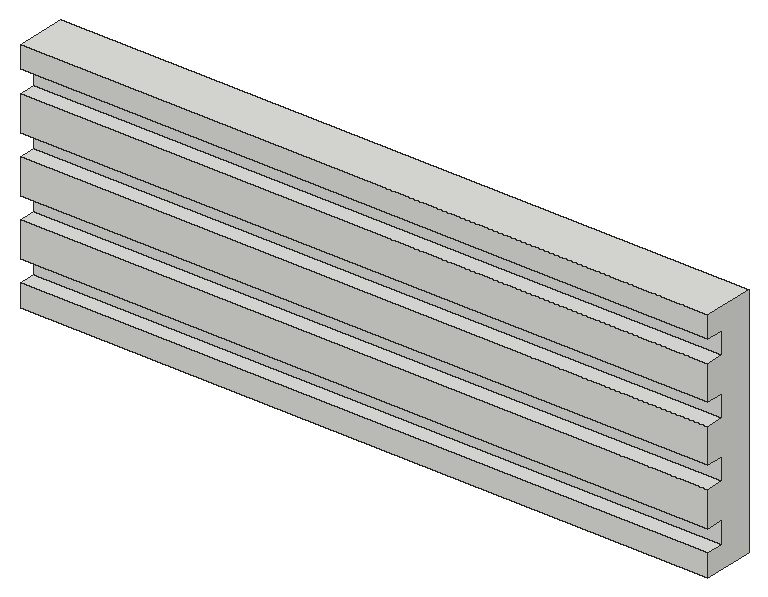
Revit family "Mounted_Storage_&_Accessories-Teknion-ROAR_Accessory_Rail-R2019", category Furniture, Revit 2019
Family settings
  OmniClass Number = 23.40.20.00
  OmniClass Title = General Furniture and Specialties
  Work Plane-Based = No
  Always vertical = Yes
  Cut with Voids When Loaded = No
  Shared = Yes
  Room Calculation Point = No
Parameters (values of type "Shared Configuration, Column-Mounted Style")
  Width [instance] = 24.000"
  Warranty = "http://www.teknion.com/ca/papers/legal-canada"
  Unit Weight URL = "http://www.teknion.com/ca/tools/assets#&asset=bee6a381-b954-425e-8283-5a2de3a804f2,f828d448-4b62-4231-9e5f-9a8991c0ed77"
  URL = "www.teknion.com"
  To render please download texture images found here [instance] = "https://assets.teknion.com/web/5e81352c1dfdb467/revit-material-swatches/"
  Sustainability Data = "https://www.teknion.com/ca/tools/assets#&topic=216f99a5-57a0-44fc-b10a-9dee9b29ae4c&asset=444deb64-fe58-4b68-981e-f75e97781df7,b4ff2d81-9f2e-437d-9659-7cffb09c31cf"
  Series = "Expansion Desking"  # constant formula
  Product Page URL = "https://www.teknion.com/ca/products/product-details?productLineId=2b4e336e-8e7a-673b-a6c8-ff00004460c4"
  Product Line = "Expansion Desking"  # constant formula
  Product Documentation Link = "https://www.teknion.com/pricing/expansion-desking/pdfs/ROAR_ppg.pdf"
  Part Number = "ROAR"  # constant formula
  Model = "ROARDC__"
  Manufacturer Phone = "416-661-3370"  # constant formula
  Manufacturer Fax = "416.661.4586"  # constant formula
  Manufacturer Contact Information = "http://www.teknion.com/ca/contactus"
  Manufacturer Address = "1150 Flint Road, Toronto, ON. M3J 2J5. Canada"  # constant formula
  Manufacturer = "Teknion"  # constant formula
  How To Use Teknion Materials User Guide [instance] = "https://assets.teknion.com/m/205dd0a49fa58060/original/How-to-add-a-Material-Library-and-Texture-Images-to-your-Revit-project.pdf"
  For Additional Finishes please visit [instance] = "https://assets.teknion.com/m/44a8009b046e5d47/original/Teknion_Materials_Library.zip"
  Finish [instance] = Paint-Teknion-20-T-Foundation-Atrium White
  Description = "Accessory Rail, Shared Configuration, Column-Mounted Style"
  Available Widths [instance] = "24, 30, 36, 42, 48, 54, 60, 66, 72, 78, or 84 inches."  # constant formula
  Assembly Code = "E2020200"
  Actual Width [instance] = Width - 8.339"  # 15.661"
Reference planes (in)
  plane 1 "Center Front/Back": y = -0.12072
  plane 2: z = 0
  plane 3 "Center Left/Right": x = -0.04424
  plane 4 "Left": x = -7.87474
  plane 5 "Right": x = 7.78626
  plane 6 "Back": y = 0.45015
  plane 7 "Front": y = -0.69158
  plane 8 "Top": z = 38.29528
Forms (in)
  Sweep 1, solid, material "Paint-Teknion-20-T-Foundation-Atrium White" <- "Finish"
    path origin (0, 0, 0) x (1, 0, 0) y (0, 1, 0)
      loop
        line (-7.87474, -0.12072) -> (7.78626, -0.12072)
    profile origin (-0.04424, -0.12072, 0) x (0, 1, 0) y (0, 0, 1)
      loop
        line (0.57087, 38.29528) -> (-0.57087, 38.29528) -> (-0.57087, 37.79528) -> (-0.17717, 37.79528) -> (-0.17717, 37.29528) -> (-0.57087, 37.29528) -> (-0.57087, 36.50787) -> (-0.17717, 36.50787) -> (-0.17717, 36.00787) -> (-0.57087, 36.00787) -> (-0.57087, 35.22047) -> (-0.17717, 35.22047) -> (-0.17717, 34.72047) -> (-0.57087, 34.72047) -> (-0.57087, 33.93307) -> (-0.17717, 33.93307) -> (-0.17717, 33.43307) -> (-0.57087, 33.43307) -> (-0.57087, 32.93307) -> (0.57087, 32.93307) -> (0.57087, 38.29528)
Lines and regions (in)
  Masking region 1
    outline origin (0, 0, 0) x (1, 0, 0) y (0, 1, 0)
      loop
        line (-7.87474, 0.45015) -> (-7.87474, -0.69158) -> (7.78626, -0.69158) -> (7.78626, 0.45015) -> (-7.87474, 0.45015)
  symbolic lines, style "FurnitureHiddenLines", detail levels medium+fine
    curve 1: line (-7.87474, -0.29788, 0) -> (7.78626, -0.29788, 0)
  reference lines
    curve 2: line (-7.87474, 0.45015, 0) -> (-7.87474, -0.69158, 0)
    curve 3: line (7.78626, 0.45015, 0) -> (7.78626, -0.69158, 0)
Dimensions and locks (in)
  "Actual Width": plane 4 "Left" to plane 5 "Right"
  locked: plane 6 "Back" to plane 7 "Front" at 1.14173
  plane 8 "Top" to level = 38.29528"
  equal spacing: plane 7 "Front", plane 1 "Center Front/Back", plane 6 "Back"
  equal spacing: plane 4 "Left", plane 3 "Center Left/Right", plane 5 "Right"
  Sweep 1 sketch curve to Sweep 1 sketch curve to Sweep 1 sketch curve to Sweep 1 sketch curve to plane 7 "Front" = 0.000" locked, 0.000" locked, 0.000" locked, 0.3937" locked
  locked: plane 8 "Top" to Sweep 1 sketch curve at 5.3622
  aligned and locked: level to plane 2
  aligned and locked: plane 5 "Right" to Sweep 1 sketch curve
  aligned and locked: plane 4 "Left" to Sweep 1 sketch curve
  aligned and locked: Sweep 1 sketch curve to plane 7 "Front"
  aligned and locked: plane 6 "Back" to Sweep 1 sketch curve
  aligned and locked: Sweep 1 sketch curve to plane 8 "Top"
  aligned and locked: plane 7 "Front" to Sweep 1 sketch curve  (x4)
  aligned and locked: Masking region 1 sketch curve to plane 4 "Left"
  aligned and locked: Masking region 1 sketch curve to plane 6 "Back"
  aligned and locked: Masking region 1 sketch curve to plane 5 "Right"
  aligned and locked: plane 7 "Front" to Masking region 1 sketch curve
  aligned and locked: curve 1 to Sweep 1
  aligned and locked: curve 2 to plane 4 "Left"
  aligned and locked: curve 3 to plane 5 "Right"
Automatic sketch dimensions
  Sweep 1 sketch curve to plane 1 "Center Front/Back" = 0.000"
  Sweep 1 sketch curve to Sweep 1 sketch curve = 0.500"  (x6)
  Sweep 1 sketch curve to Sweep 1 sketch curve = 0.7874"  (x2)
  curve 1 to plane 4 "Left" = 0.000"
  curve 1 to plane 5 "Right" = 0.000"
  plane 7 "Front" to curve 2 = 0.000"
  curve 2 to plane 6 "Back" = 0.000"
  plane 7 "Front" to curve 3 = 0.000"
  curve 3 to plane 6 "Back" = 0.000"
